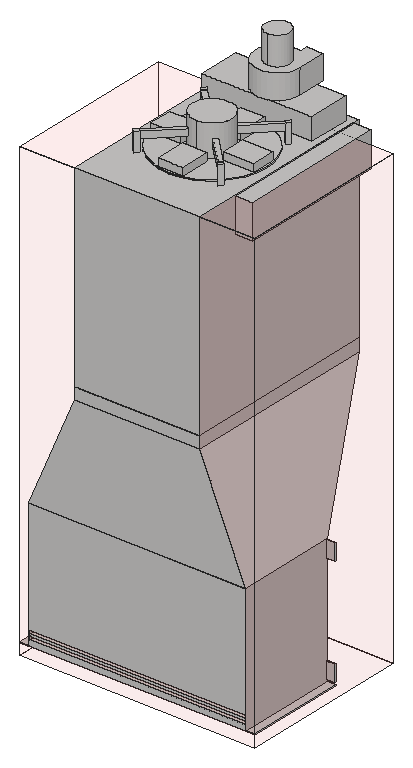
Revit family "Air-Curtain_Industrial_PoweredAire_Gas-Indirect-1Heater", category Mechanical Equipment, host Face, Revit 2024
Family settings
  Host = Face
  Round Connector Dimension = Use Diameter
  Part Type = Normal
  OmniClass Number = 23.75.35.17.21
  OmniClass Title = Air Curtains
  Cut with Voids When Loaded = No
  Maintain Annotation Orientation = No
  Shared = No
  Room Calculation Point = No
Parameters
  topbracket [instance] = Unit Height = 1' 4 3/4"  # yes
  Warranty Duration (Years) = 0
  Unit Width Notes = "Other Widths available."  # constant formula
  Unit Width = 3' - 3"
  Unit Weight = 0
  Unit Height = 1' - 4 3/4"
  Unit Depth = 1' - 9 1/4"
  URL = "http://www.poweredaire.com/"
  Test Data = ""
  Standards Conformance = "as Specified"
  Specification = "http://www.arcat.com/sdspecs/htm04/23_34_33pai.htm"
  SpecWizard = ""
  Sound Pressure = "as Specified"
  Sales Information = "http://www.poweredaire.com/contact_us"
  Revision = "R1_2016-08"
  Projection from Host [instance] = 0' - 2"
  Product Properties = ""
  Product Data = "http://www.arcat.com/arcatcos/cos47/arc47623.html"
  Power Rating = 0 W
  Piping_Operating Pressure [instance] = 0.00 psi
  Pipe OD [instance] = 5/8"
  Overall Depth = 6' - 1 3/4"
  Nozzle Width = if(1 = 1, Unit Width - 0' 3", 0' 0")  # 3' - 0"
  Mounting Width = if(1 = 1, Unit Width - 0' 1 1/2", 0' 0")  # 3' - 1 1/2"
  Mounting Height [instance] = 3' - 6"
  Motor RPM = 0
  Motor HP = 0
  Motor Count = 0
  Model = "As Specified"
  Max Height = 0' - 0"
  Manufacturer Website = "http://www.poweredaire.com/"
  Manufacturer Phone - Toll Free = "888-321-2473"
  Manufacturer Phone = "724-588-3305"
  Manufacturer Fax = "724-588-3371"
  Manufacturer Address = "109 Mortensen Rd.  Greenville, PA 16125"
  Manufacturer = "Powered Aire, Inc"
  Maintenance Schedule (Months) = 0
  Keynote = "23 34 33"
  Installation-Fabrication = ""
  Installation Phase = ""
  Include Clearance [instance] = yes
  Heating Element Load = 0 W
  Heater Weight = 0
  Heater Hanging Width = 1' - 6 5/8"
  Heater Finish [instance] = Metal - Steel - PoweredAire - Stainless 304
  HVAC_Temperature Rise = 0 °F
  HVAC_Primary CFM = 0 CFM
  HVAC_Outlet Volume = 0 CFM
  HVAC_Outlet Velocity Uniformity = 0
  HVAC_Outlet Velocity = 0 FPM
  HVAC_Exit Temperature [instance] = 0 °F
  HVAC_BTU Output = 0.0 Btu/h
  HVAC_BTU Input = 0.0 Btu/h
  Green Building-LEED = "http://www.arcat.com/green/clients/leed_data_47623.html"
  Gas Connection Diameter [instance] = 0"
  Frame Finish [instance] = Metal - Steel - PoweredAire - Stainless 304
  Expected Lifespan (Years) = 0
  Exhaust Connection Diameter = 0' - 5"
  Electrical_Wattage [instance] = Power Rating + Heating Element Load  # 0 W
  Electrical_Voltage [instance] = 0 V
  Electrical_Phase [instance] = 1
  Electrical_Frequency [instance] = 0 Hz
  Electrical_Amperage [instance] = 0 A
  Drawn By = "Sumex Design, Inc. / Robert S. Weygant, CSI, CDT, SCIP"
  Description = "Powered Aire Air Curtain as Specified"
  Default Elevation = 0' - 0"  # constant formula
  Copyright = "©Arcat Inc."
  Construction Details = "http://www.arcat.com/details/powair/prod3336.html"
  Clearance_Top [instance] = 1' - 0"
  Clearance_Side B [instance] = 0' - 0"
  Clearance_Side A [instance] = 0' - 0"
  Clearance_Intake [instance] = 0' - 0"
  Clearance_Bottom [instance] = 0' - 0"
  Clearance Material [instance] = ARCAT Clearance
  Building Codes = ""
  Available Options [instance] = "as Specified"
  Assembly Code = "D3090400"
Reference planes (in)
  plane 1 "Center (Elevation)": y = 0.13818
  plane 2: z = 0
  plane 3 "Center (Left/Right)": x = 0
  plane 4 "Top": y = 8.51318
  plane 5: y = -8.23682
  plane 6: x = -19.5
  plane 7: x = 19.5
  plane 8 "Front": z = 23.25
  plane 9 "FF": y = -41.86182
  plane 10: z = 2
  plane 11: x = 18
  plane 12: x = -18
  plane 13: y = 20.51318
  plane 14: y = -8.23682
  plane 15: x = -19.5
  plane 16: x = 19.5
  plane 17: z = 75.75
  plane 18: x = 17.9375
  plane 19: x = -17.9375
  plane 20: x = 18
  plane 21: x = 18
  plane 22: y = 6.01318
  plane 23: y = -5.73682
  plane 24: x = -9.3125
  plane 25: x = 9.3125
  plane 26: x = -10.375
  plane 27: x = 10.375
  plane 28: z = 75.75
  plane 29: z = 43.25
  plane 30: z = 41.25
Forms (in)
  Extrusion 1, solid, material "Metal - Steel - PoweredAire - Stainless 304" <- "Frame Finish"
    sketch origin (0, 0, 0) x (0, 1, 0) y (0, 0, 1)
      loop
        line (-8.23682, 2) -> (8.51318, 2) -> (8.51318, 23.25) -> (-8.23682, 23.25) -> (-8.23682, 2)
    from -18 to 18
  Extrusion 2, solid, material "ARCAT Clearance" <- "Clearance Material", visible <- "Include Clearance"
    sketch origin (0, 0, 0) x (0, 1, 0) y (0, 0, 1)
      loop
        line (-8.23682, 75.75) -> (-8.23682, 0) -> (20.51318, 0) -> (20.51318, 75.75) -> (-8.23682, 75.75)
    from -19.5 to 19.5
  Extrusion 3, solid, material "Metal - Steel - PoweredAire - Stainless 304" <- "Frame Finish"
    sketch origin (-15.17702, -180, 2) x (-1, 0, 0) y (0, -1, 0)
      loop
        line (-33.17702, -188.51318) -> (-33.17702, -171.76318) -> (-34.67702, -171.76318) -> (-34.67702, -188.51318) -> (-33.17702, -188.51318)
      loop
        line (2.82298, -188.51318) -> (4.32298, -188.51318) -> (4.32298, -171.76318) -> (2.82298, -171.76318) -> (2.82298, -188.51318)
    from 0 to 0.125
  Extrusion 4, solid, material "Metal - Steel - PoweredAire - Stainless 304" <- "Frame Finish", visible <- "topbracket"
    sketch origin (-11.83813, 8.51318, 48) x (-1, 0, 0) y (0, 0, 1)
      loop
        line (-29.83813, -45.5) -> (-29.83813, -42.75) -> (-31.33813, -42.75) -> (-31.33813, -45.5) -> (-29.83813, -45.5)
      loop
        line (-29.83813, -27.5) -> (-29.83813, -24.75) -> (-31.33813, -24.75) -> (-31.33813, -27.5) -> (-29.83813, -27.5)
      loop
        line (6.16187, -45.5) -> (7.66187, -45.5) -> (7.66187, -42.75) -> (6.16187, -42.75) -> (6.16187, -45.5)
      loop
        line (6.16187, -27.5) -> (7.66187, -27.5) -> (7.66187, -24.75) -> (6.16187, -24.75) -> (6.16187, -27.5)
    from 0 to -0.125
  Extrusion 5, void
    sketch origin (0, 0, 0) x (0, 1, 0) y (0, 0, 1)
      loop
        line (-8.23682, 3) -> (-7.23682, 3) -> (-7.23682, 4.5) -> (-8.23682, 4.5) -> (-8.23682, 3.82425) -> (-7.38364, 3.82425) -> (-7.38364, 3.57425) -> (-8.23682, 3.57425) -> (-8.23682, 3)
    from -17.9375 to 17.9375
  Blend 6, solid, material "Metal - Steel - PoweredAire - Stainless 304" <- "Frame Finish"
    base sketch origin (-15.17702, -180, 23.25) x (-1, 0, 0) y (0, -1, 0)
      loop
        line (2.82298, -188.51318) -> (2.82298, -171.76318) -> (-33.17702, -171.76318) -> (-33.17702, -188.51318) -> (2.82298, -188.51318)
    top sketch origin (-15.17702, -180, 23.25) x (-1, 0, 0) y (0, -1, 0)
      loop
        line (-4.80202, -171.76318) -> (-25.55202, -171.76318) -> (-25.55202, -204.76318) -> (-4.80202, -204.76318) -> (-4.80202, -171.76318)
    from 0 to 18
Cuts and joins
  Extrusion 5 cuts Extrusion 1
Dimensions and locks (in)
  equal spacing: plane 4 "Top", plane 1 "Center (Elevation)", plane 5
  "Unit Height": plane 4 "Top" to plane 5
  equal spacing: plane 6, plane 3 "Center (Left/Right)", plane 7
  "Unit Width": plane 6 to plane 7
  "Mounting Height": plane 1 "Center (Elevation)" to plane 9 "FF"
  "Projection from Host": plane 10 to level
  "Unit Depth": plane 8 "Front" to plane 10
  locked: plane 6 to plane 12 at 1.5
  locked: plane 11 to plane 7 at 1.5
  "Clearance_Side A": plane 7 to plane 16
  "Clearance_Side B": plane 15 to plane 6
  "Clearance_Top": plane 13 to plane 4 "Top"
  "Clearance_Bottom": plane 5 to plane 14
  "Clearance_Intake": plane 17 to plane 28
  Extrusion 5 sketch curve to Extrusion 5 sketch curve to Extrusion 5 sketch curve to Extrusion 5 sketch curve to plane 10 = 0' - 0.67575" locked, 0' - 0 1/4" locked, 0' - 0.57425" locked, 0' - 1" locked
  plane 5 to Extrusion 5 sketch curve to Extrusion 5 sketch curve = 0' - 0.85319" locked, 0' - 0.14681" locked
  locked: plane 19 to plane 12 at 0.0625
  locked: plane 11 to plane 18 at 0.0625
  locked: plane 20 to plane 11
  locked: plane 21 to plane 11
  locked: plane 4 "Top" to plane 22 at 2.5
  locked: plane 23 to plane 5 at 2.5
  equal spacing: plane 24, plane 3 "Center (Left/Right)", plane 25
  "Heater Hanging Width": plane 24 to plane 25
  locked: plane 25 to plane 27 at 1.0625
  locked: plane 26 to plane 24 at 1.0625
  "Overall Depth": plane 28 to plane 10
  locked: plane 29 to plane 30 at 2
  locked: plane 28 to plane 29 at 32.5
  locked: Blend 6 sketch curve to plane 5 at 33
  Extrusion 4 sketch curve to Extrusion 4 sketch curve to plane 10 = 0' - 2 3/4" locked, 0' - 0 1/2" locked  (x2)
  plane 8 "Front" to Extrusion 4 sketch curve to Extrusion 4 sketch curve = 0' - 0" locked, 0' - 2 3/4" locked  (x2)
  aligned and locked: plane 2 to host face
  aligned and locked: level to host face
  aligned and locked: Extrusion 2 sketch curve to plane 17
  aligned and locked: plane 14 to Extrusion 2 sketch curve
  aligned and locked: level to Extrusion 2 sketch curve
  aligned and locked: Extrusion 2 sketch curve to plane 13
  aligned and locked: plane 16 to Extrusion 2
  aligned and locked: Extrusion 2 to plane 15
  aligned and locked: plane 11 to Extrusion 1
  aligned and locked: Extrusion 1 to plane 12
  aligned and locked: Extrusion 1 sketch curve to plane 8 "Front"
  aligned and locked: plane 28 to nested 1
  aligned and locked: Blend 6 sketch curve to plane 5  (x2)
  aligned and locked: plane 12 to Blend 6 sketch curve
  aligned and locked: Blend 6 sketch curve to plane 11
  aligned and locked: Blend 6 sketch curve to plane 4 "Top"
  aligned and locked: Blend 6 sketch curve to plane 26
  aligned and locked: plane 27 to Blend 6 sketch curve
  aligned and locked: plane 30 to Blend 6
  aligned and locked: plane 3 "Center (Left/Right)" to nested 1
  aligned and locked: plane 18 to cut or joined group of Extrusion 1, Extrusion 5
  aligned and locked: cut or joined group of Extrusion 1, Extrusion 5 to plane 19
Automatic sketch dimensions
  host sketch curve to host sketch curve = 8' - 0"  (x2)
  plane 4 "Top" to Extrusion 3 sketch curve = 0' - 0"
  Extrusion 3 sketch curve to plane 7 = 0' - 0"
  plane 5 to Extrusion 3 sketch curve = 0' - 0"
  Extrusion 3 sketch curve to plane 11 = 0' - 0"
  Extrusion 3 sketch curve to plane 4 "Top" = 0' - 0"
  Extrusion 3 sketch curve to plane 12 = 0' - 0"
  Extrusion 3 sketch curve to plane 6 = 0' - 0"
  Extrusion 3 sketch curve to plane 5 = 0' - 0"
  Extrusion 4 sketch curve to plane 7 = 0' - 0"  (x2)
  Extrusion 4 sketch curve to plane 11 = 0' - 0"  (x2)
  Extrusion 4 sketch curve to plane 12 = 0' - 0"  (x2)
  Extrusion 4 sketch curve to plane 6 = 0' - 0"  (x2)
  Extrusion 5 sketch curve to plane 5 = 0' - 0"  (x2)
  Extrusion 1 sketch curve to plane 5 = 0' - 0"
  Extrusion 1 sketch curve to plane 4 "Top" = 0' - 0"
  Extrusion 1 sketch curve to plane 10 = 0' - 0"
Nested families (in)
  nested 1: "Heater" at (0, -8.23682, 43.2987) x (1, 0, 0) z (0, 1, 0), finish <- "Heater Finish", burner width <- "Heater Hanging Width", type "Heater"
    with finish Metal - Steel - PoweredAire - Stainless 304, burner width 1' - 6 5/8", Two Fan no, One Fan yes
Connectors (in)
  electrical at (-18, 0.13818, 12.625), driven by "Electrical_Voltage", driven by "Electrical_Phase"
    settings: on cut or joined group of Extrusion 1, Extrusion 5, index 3, voltage 0 V, apparent load 0 VA, apparent load phase1 0 VA, apparent load phase2 0 VA, apparent load phase3 0 VA, power factor 1, load classification "Motor", number of poles 1, system type 31, power factor state 1, is connector primary yes, connector utility no, sub classification motor no, connector description ""
  hvac at (3, 24.76318, 81.40625), driven by "Exhaust Connection Diameter", driven by "HVAC_Primary CFM"
    settings: on nested 1, index 4, duct flow 0 CFM, flow factor 0, pres drop 0.00 in-wg, loss coef 0, conn angle 0.00°, conn width 12", conn height 12", conn diameter 5", duct sys type 3, conn prof type 0, flow config 0, flow direction 2, loss method 0, conn ref index -1, conn util no, is conn primary yes, conn desc ""
Definition of nested family "Heater"
  Parameters
    finish [instance] = none
    burner width [instance] = 4' - 0 5/8"
    burner depth = 3' - 8 3/4"
    Two Fan [instance] = burner width > 4' 0"  # yes
    One Fan [instance] = burner width < 4' 0"  # no
    Default Elevation = 0' - 0"  # constant formula
  Reference planes (in)
    plane 1 "Center (Front/Back)": y = 0
    plane 2: z = 0
    plane 3 "Center (Left/Right)": x = 0
    plane 4: x = -25.375
    plane 5: x = 25.375
    plane 6: z = 33
    plane 7: y = -44.75
    plane 8: x = 3
    plane 9: x = 4.375
    plane 10: x = -12.6875
    plane 11: x = 12.6875
    plane 12: z = 15.5
    plane 13: x = -24.3125
    plane 14: x = 24.3125
  Forms (in)
    Extrusion 1, solid, material <- "finish"
      sketch origin (-74.94554, -3, 38.65968) x (0, 0, 1) y (1, 0, 0)
        loop
          line (-5.65968, 49.57054) -> (-5.65968, 100.32054) -> (-38.65968, 100.32054) -> (-38.65968, 49.57054) -> (-5.65968, 49.57054)
      from 3 to -29.4513
    Extrusion 2, solid, material <- "finish"
      sketch origin (0, 0, 0) x (0, 1, 0) y (0, 0, 1)
        loop
          line (2, 0) -> (2, 33) -> (0, 33) -> (0, 0) -> (2, 0)
      from -25.375 to 25.375
    Extrusion 3, solid, material <- "finish"
      sketch origin (-74.94554, -32.4513, 38.65968) x (0, 0, 1) y (1, 0, 0)
        loop
          line (-6.91591, 50.82971) -> (-6.91591, 99.10844) -> (-13.91591, 99.10844) -> (-13.91591, 50.82971) -> (-6.91591, 50.82971)
      from 0 to -3.625
    Extrusion 4, solid, material <- "finish"
      sketch origin (-74.94554, -36.0763, 38.65968) x (0, 0, 1) y (1, 0, 0)
        loop
          arc (-10.4052, 79.32054) -> (-12.67312, 72.60509) -> (-6.79809, 76.57054) r 3.74068
          line (-6.79809, 76.57054) -> (-5.65968, 76.57054) -> (-5.65968, 79.32054) -> (-10.4052, 79.32054)
      from 0 to -4.0625
    Extrusion 5, solid, material <- "finish"
      sketch origin (-73.58006, -40.1388, 35.52564) x (0, 0, -1) y (1, 0, 0)
        loop
          circle (7.27116, 74.21438) r 2
      from 4.6112 to 0
    Extrusion 6, solid, material <- "finish"
      sketch origin (0, 0, 0) x (1, 0, 0) y (0, 1, 0)
        loop
          line (28.3125, -32.4513) -> (28.3125, -26.7013) -> (25.3125, -26.7013) -> (25.3125, -32.4513) -> (28.3125, -32.4513)
      from 7.25 to 31.75
    Extrusion 7, solid, material <- "finish", visible <- "Two Fan"
      sketch origin (0, 0, 0) x (0, 1, 0) y (0, 0, 1)
        loop
          line (-32.4513, 6.22268) -> (-44.15658, 5.1986) -> (-44.15658, 4.4486) -> (-32.4513, 4.85736) -> (-32.4513, 6.22268)
      from -25.375 to 25.375
  Dimensions and locks (in)
    locked: Extrusion 4 sketch curve to Extrusion 4 sketch curve at 2.75
    "burner width": plane 13 to plane 14
    locked: plane 6 to level at 33
    "burner depth": plane 7 to plane 1 "Center (Front/Back)"
    locked: plane 8 to plane 9 at 1.375
    Extrusion 4 sketch curve to Extrusion 4 sketch curve to plane 8 = 0' - 0.99068" locked, 0' - 1 3/8" locked
    locked: Extrusion 5 sketch curve to plane 8 at 2.36568
    locked: plane 8 to plane 3 "Center (Left/Right)" at 3
    Extrusion 6 sketch curve to plane 5 to Extrusion 6 sketch curve = 0' - 0 1/16" locked, 0' - 2 15/16" locked
    equal spacing: plane 5, plane 11, plane 3 "Center (Left/Right)", plane 10, plane 4
    locked: plane 4 to plane 13 at 1.0625
    locked: plane 14 to plane 5 at 1.0625
    aligned and locked: plane 2 to level
    aligned: Extrusion 4 to Extrusion 5
    aligned: Extrusion 3 to Extrusion 2  (x2)
    aligned and locked: plane 7 to Extrusion 5
    aligned and locked: plane 4 to Extrusion 1 sketch curve
    aligned and locked: Extrusion 1 sketch curve to plane 5
    aligned and locked: Extrusion 7 to plane 4
    aligned and locked: plane 5 to Extrusion 7
    aligned and locked: plane 12 to nested 1
    aligned and locked: plane 3 "Center (Left/Right)" to nested 1
    aligned and locked: plane 12 to nested 3
    aligned and locked: plane 11 to nested 3
    aligned and locked: plane 10 to nested 2
    aligned and locked: plane 12 to nested 2
    aligned and locked: plane 5 to Extrusion 2
    aligned and locked: Extrusion 2 to plane 4
  Automatic sketch dimensions
    Extrusion 1 to Extrusion 3 sketch curve = 0' - 1.25917"
    Extrusion 1 to Extrusion 3 sketch curve = 0' - 8.25624"
    Extrusion 1 to Extrusion 3 sketch curve = 0' - 1.2121"
    Extrusion 1 to Extrusion 3 sketch curve = 0' - 1.25624"
    Extrusion 4 sketch curve to Extrusion 3 = 0' - 0.11782"
    Extrusion 4 sketch curve to Extrusion 3 = 0' - 1.25624"
    Extrusion 5 sketch curve to Extrusion 4 = 0' - 4.74552"
    Extrusion 1 sketch curve to level = 0' - 0"
    Extrusion 1 sketch curve to plane 6 = 0' - 0"
    Extrusion 2 sketch curve to level = 0' - 0"
    Extrusion 2 sketch curve to plane 1 "Center (Front/Back)" = 0' - 0"
    Extrusion 2 sketch curve to plane 6 = 0' - 0"
    Extrusion 2 sketch curve to Extrusion 2 sketch curve = 0' - 2"
    Extrusion 6 sketch curve to plane 7 = 1' - 0.2987"
    Extrusion 6 sketch curve to Extrusion 6 sketch curve = 0' - 5 3/4"
    Extrusion 7 sketch curve to plane 7 = 0' - 0.59342"
    level to Extrusion 7 sketch curve = 0' - 4.4486"
    Extrusion 7 sketch curve to Extrusion 7 sketch curve = 0' - 0 3/4"
    level to Extrusion 7 sketch curve = 0' - 4.85736"
    Extrusion 7 sketch curve to Extrusion 7 sketch curve = 0' - 11.70529"
    Extrusion 7 sketch curve to Extrusion 7 sketch curve = 0' - 1.36532"
    radius of Extrusion 5 sketch curve = 0' - 2"
  Nested families (in)
    nested 1: "FanControls" at (0, -32.4513, 15.5) x (1, 0, 0) z (0, -1, 0), finish <- "finish", visible <- "One Fan", type "FanControls"
      with finish none
    nested 2: "FanControls" at (-12.6875, -32.4513, 15.5) x (1, 0, 0) z (0, -1, 0), finish <- "finish", visible <- "Two Fan", type "FanControls"
      with finish none
    nested 3: "FanControls" at (12.6875, -32.4513, 15.5) x (1, 0, 0) z (0, -1, 0), finish <- "finish", visible <- "Two Fan", type "FanControls"
      with finish none
  Definition of nested family "FanControls"
    Parameters
      finish [instance] = none
      Default Elevation = 4' - 0"
    Reference planes (in)
      plane 1 "Center (Front/Back)": y = 0
      plane 2: z = 0
      plane 3 "Center (Left/Right)": x = 0
    Forms (in)
      Extrusion 1, solid, material <- "finish"
        sketch origin (-75.00804, 32.07233, 0) x (1, 0, 0) y (0, -1, 0)
          loop
            circle (75.00804, 32.07233) r 3.25
        from -5.33075 to 0
      Extrusion 2, solid, material <- "finish"
        sketch origin (24.44581, -78.06044, 0) x (1, 0, 0) y (0, -1, 0)
          loop
            line (-22.50831, -86.58776) -> (-22.50831, -81.58776) -> (-26.50831, -81.58776) -> (-26.50831, -86.58776) -> (-22.50831, -86.58776)
          loop
            line (-22.50831, -69.53312) -> (-26.50831, -69.53312) -> (-26.50831, -74.53312) -> (-22.50831, -74.53312) -> (-22.50831, -69.53312)
          loop
            line (-15.98099, -76.06044) -> (-20.98099, -76.06044) -> (-20.98099, -80.06044) -> (-15.98099, -80.06044) -> (-15.98099, -76.06044)
          loop
            line (-33.03563, -76.06044) -> (-33.03563, -80.06044) -> (-28.03563, -80.06044) -> (-28.03563, -76.06044) -> (-33.03563, -76.06044)
        from 0 to -1.37288
      Extrusion 3, solid, material <- "finish"
        sketch origin (-75.00804, 21.40968, 0) x (1, 0, 0) y (0, -1, 0)
          loop
            line (68.02536, 14.95733) -> (68.55569, 14.427) -> (75.00804, 20.87935) -> (81.46039, 14.427) -> (81.99072, 14.95733) -> (75.53837, 21.40968) -> (81.99072, 27.86203) -> (81.46039, 28.39236) -> (75.00804, 21.94001) -> (68.55569, 28.39236) -> (68.02536, 27.86203) -> (74.47771, 21.40968) -> (68.02536, 14.95733)
        from -3.1123 to -2
      Extrusion 4, solid, material <- "finish"
        sketch origin (-75.00804, 21.40968, 0) x (1, 0, 0) y (0, -1, 0)
          loop
            line (68.02536, 13.89667) -> (68.55569, 14.427) -> (68.02536, 14.95733) -> (67.49503, 14.427) -> (68.02536, 13.89667)
          loop
            line (82.52105, 14.427) -> (81.99072, 14.95733) -> (81.46039, 14.427) -> (81.99072, 13.89667) -> (82.52105, 14.427)
          loop
            line (81.99072, 28.92269) -> (81.46039, 28.39236) -> (81.99072, 27.86203) -> (82.52105, 28.39236) -> (81.99072, 28.92269)
          loop
            line (67.49503, 28.39236) -> (68.02536, 27.86203) -> (68.55569, 28.39236) -> (68.02536, 28.92269) -> (67.49503, 28.39236)
        from 0 to -3.1123
      Extrusion 5, solid, material <- "finish"
        sketch origin (0, 0, 0) x (1, 0, 0) y (0, 1, 0)
          loop
            circle (0, 0) r 9
        from 0 to 0.14961
    Dimensions and locks (in)
      Extrusion 4 sketch curve to Extrusion 4 sketch curve to Extrusion 4 sketch curve to Extrusion 4 sketch curve = 0' - 0.53033" locked, 0' - 0" locked, 0' - 0.53033" locked  (x4)
      Extrusion 3 sketch curve to Extrusion 3 sketch curve to Extrusion 3 sketch curve to Extrusion 3 sketch curve to Extrusion 3 sketch curve = 0' - 5.92202" locked, 0' - 0" locked, 0' - 0.53033" locked, 0' - 0" locked
      Extrusion 3 sketch curve to Extrusion 3 sketch curve to Extrusion 3 sketch curve to Extrusion 3 sketch curve to Extrusion 3 sketch curve = 0' - 0" locked, 0' - 0.53033" locked, 0' - 0" locked, 0' - 5.92202" locked
      locked: Extrusion 2 sketch curve to Extrusion 2 sketch curve at 5  (x2)
      aligned and locked: plane 2 to level
